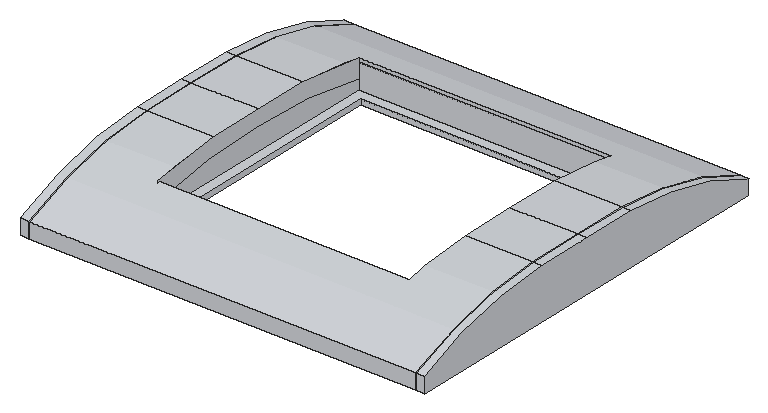
Revit family "Gira_1002726", category Electrical Fixtures, host Face, Revit 2017
Family settings
  Host = Face
  Maintain Annotation Orientation = No
  Round Connector Dimension = Use Diameter
  Part Type = Normal
  Cut with Voids When Loaded = No
  Shared = No
  Room Calculation Point = No
Parameters (values of type "Cov.fr. 2-g w/o cb interm.fr. C Alu Gira Event Clear white")
  With mounting grid = "No"
  With hinged lid = "No"
  URL = "http://katalog.gira.de/en/datenblatt.html?artikelnr=1002726"
  Type of fastening = "Clamp mounting"
  Transparent = "No"
  Surface protection = "Other"
  Suitable for wall duct = "No"
  Suitable for flush-mounted installation = "Yes"
  Suitable for floor box = "No"
  Suitable for built-in installation = "No"
  Number of units vertical = "2"
  Number of units horizontal = "2"
  Number of units = "2"
  Name = "Cov.fr. 2-g w/o cb interm.fr. C Alu Gira Event Clear white"
  Mounting direction = "Horizontal and vertical"
  Material quality = "Thermoplastic"
  Material = "Plastic"
  Manufacturer URL = "https://www.gira.de/"
  Manufacturer = "Gira"
  Label space/information surface = "No"
  Keynote = ""
  HeinzeBIM = "https://bimportal.heinze.de/bim/cov-fr-2-g-w-o-cb-interm-fr-c-alu-gira-event-clear-white/74babab3b5d093152b1b127f7904b50dc6c741d2"
  Halogen free = "Yes"
  HAN = "1002726"
  GTIN = "4010337070191"
  Description = "Cov.fr.2g w o cb i.fr.CAl EvCl WH,Gira Event Clear cover frame,white with colour aluminium intermediate frame,2-gang without crossbar,Features:,- Shatter-proof."
  Degree of protection (IP) = "IP20"
  Default Elevation = 1219.2 mm
  Data sheet (1) = "https://katalog.gira.de/en/download.html?artikelnr=1002726"
  Colour = "White"
  Category = "Cover frame for domestic switching devices"
  BIM (1) = "https://media.stage.bim.site/public/gira/36a6b08/Event_Rahmen_2fach o.Mittelsteg.rfa?public/gira/36a6b08/Event_Rahmen_2fach o.Mittelsteg.rfa"
  Available = "No"
Reference planes
  plane 1 "Center (Front/Back)": y = 0
  plane 2: z = 0
  plane 3 "Center (Left/Right)": x = 0
Forms (mm)
  Extrusion 1, solid, detail levels fine
    sketch origin (0, 0, 1.55) x (0, 1, 0) y (0, 0, 1)
      loop
        arc (12.445, 9.683) -> (6.223, 9.833) -> (0, 9.85) r 291.636
        arc (0, 9.85) -> (-6.223, 9.833) -> (-12.445, 9.683) r 291.636
        arc (-12.445, 9.683) -> (-29.14, 7.482) -> (-45, 1.823) r 79.728
        line (-45, 1.823) -> (-45, -1.55) -> (-41.777, -1.55) -> (-41.777, -0.55)
        arc (-41.777, -0.55) -> (-21.205, 4.846) -> (0, 6.467) r 118.15
        arc (0, 6.467) -> (21.205, 4.846) -> (41.777, -0.55) r 118.15
        line (41.777, -0.55) -> (41.777, -1.55) -> (45, -1.55) -> (45, 1.823)
        arc (45, 1.823) -> (29.14, 7.482) -> (12.445, 9.683) r 79.728
    from -43 to 43
  Extrusion 2, void, detail levels fine
    sketch origin (0, 0, 0) x (1, 0, 0) y (0, 1, 0)
      loop
        line (-28, -28) -> (28, -28) -> (28, 28) -> (-28, 28) -> (-28, -28)
    from 2.85 to 12
  Extrusion 3, solid, detail levels coarse
    sketch origin (0, 0, 0) x (1, 0, 0) y (0, 1, 0)
      loop
        line (-45, 45) -> (-45, -45) -> (45, -45) -> (45, 45) -> (-45, 45)
    from 0 to 11.4
  Extrusion 4, solid, detail levels medium
    sketch origin (0, 0, 1.55) x (0, 1, 0) y (0, 0, 1)
      loop
        arc (12.445, 9.683) -> (6.223, 9.833) -> (0, 9.85) r 291.636
        arc (0, 9.85) -> (-6.223, 9.833) -> (-12.445, 9.683) r 291.636
        arc (-12.445, 9.683) -> (-29.14, 7.482) -> (-45, 1.823) r 79.728
        line (-45, 1.823) -> (-45, -1.55) -> (45, -1.55) -> (45, 1.823)
        arc (45, 1.823) -> (29.14, 7.482) -> (12.445, 9.683) r 79.728
    from -45 to 45
  Extrusion 5, solid, detail levels fine
    sketch origin (0, 0, 0) x (0, 1, 0) y (0, 0, 1)
      loop
        arc (45, 3.373) -> (29.14, 9.032) -> (12.445, 11.233) r 79.728
        arc (12.445, 11.233) -> (6.223, 11.383) -> (0, 11.4) r 291.636
        arc (0, 11.4) -> (-6.223, 11.383) -> (-12.445, 11.233) r 291.636
        arc (-12.445, 11.233) -> (-29.14, 9.032) -> (-45, 3.373) r 79.728
        line (-45, 3.373) -> (-45, 0) -> (45, 0) -> (45, 3.373)
    from 43 to 45
  Extrusion 6, solid, detail levels fine
    sketch origin (0, 0, 0) x (0, 1, 0) y (0, 0, -1)
      loop
        line (45, -3.373) -> (45, 0) -> (-45, 0) -> (-45, -3.373)
        arc (-45, -3.373) -> (-29.14, -9.032) -> (-12.445, -11.233) r 79.728
        arc (-12.445, -11.233) -> (-6.223, -11.383) -> (0, -11.4) r 291.636
        arc (0, -11.4) -> (6.223, -11.383) -> (12.445, -11.233) r 291.636
        arc (12.445, -11.233) -> (29.14, -9.032) -> (45, -3.373) r 79.728
    from 43 to 45
  Extrusion 7, solid, detail levels fine
    sketch origin (0, 0, 0) x (1, 0, 0) y (0, 1, 0)
      loop
        line (-25.7, 25.7) -> (-25.7, -25.7) -> (25.7, -25.7) -> (25.7, 25.7) -> (-25.7, 25.7)
      loop
        line (-29.495, 27.895) -> (-29.495, -27.895)
        spline (-29.495, -27.895) -> (-29.486, -28.025) -> (-29.461, -28.154) -> (-29.419, -28.278) -> (-29.361, -28.395) -> (-29.288, -28.504) -> (-29.202, -28.602) -> (-29.104, -28.688) -> (-28.995, -28.761) -> (-28.878, -28.819) -> (-28.754, -28.861) -> (-28.625, -28.886) -> (-28.495, -28.895)
        line (-28.495, -28.895) -> (28.495, -28.895)
        spline (28.495, -28.895) -> (28.625, -28.886) -> (28.754, -28.861) -> (28.878, -28.819) -> (28.995, -28.761) -> (29.104, -28.688) -> (29.202, -28.602) -> (29.288, -28.504) -> (29.361, -28.395) -> (29.419, -28.278) -> (29.461, -28.154) -> (29.486, -28.025) -> (29.495, -27.895)
        line (29.495, -27.895) -> (29.495, 27.895)
        spline (29.495, 27.895) -> (29.486, 28.025) -> (29.461, 28.154) -> (29.419, 28.278) -> (29.361, 28.395) -> (29.288, 28.504) -> (29.202, 28.602) -> (29.104, 28.688) -> (28.995, 28.761) -> (28.878, 28.819) -> (28.754, 28.861) -> (28.625, 28.886) -> (28.495, 28.895)
        line (28.495, 28.895) -> (-28.495, 28.895)
        spline (-28.495, 28.895) -> (-28.625, 28.886) -> (-28.754, 28.861) -> (-28.878, 28.819) -> (-28.995, 28.761) -> (-29.104, 28.688) -> (-29.202, 28.602) -> (-29.288, 28.504) -> (-29.361, 28.395) -> (-29.419, 28.278) -> (-29.461, 28.154) -> (-29.486, 28.025) -> (-29.495, 27.895)
    from 1.673 to 8.5
Cuts and joins
  Extrusion 2 cuts Extrusion 1
  Extrusion 2 cuts Extrusion 7
Dimensions and locks
  aligned and locked: plane 2 to host face
  aligned and locked: level to host face
